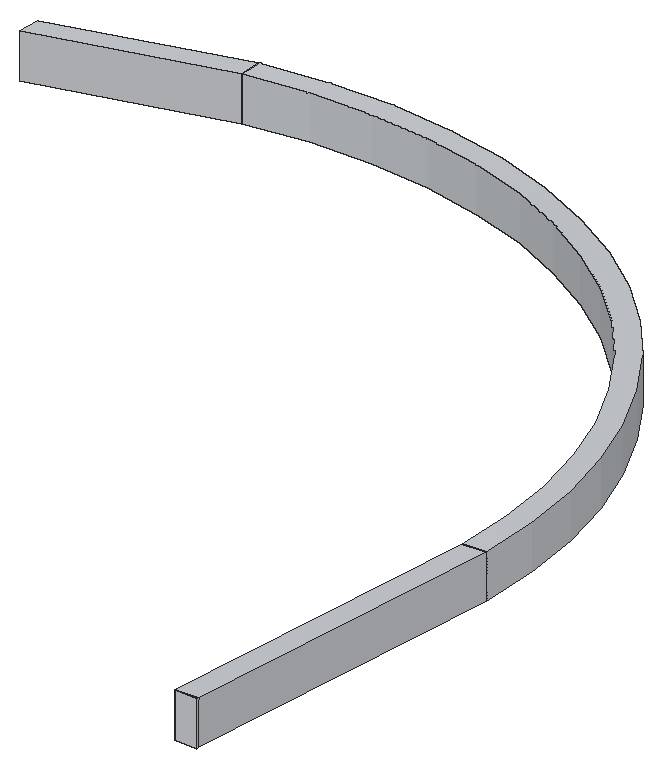
Revit family "車道下RTW(外側)", category 結構框架, Revit 2014
Parameters
  Length [instance] = 300 cm
Reference planes (cm)
  plane 1 "中心 (前/後)": y = 0
  plane 2 "中心立面": z = 0
  plane 3 "中心 (左/右)": x = 0
  plane 4 "左": x = -150
  plane 5 "右": x = 150
  plane 6: z = 295
  plane 7: z = 44.33
  plane 8: z = 215.45
  plane 9: through (832.174, -1303.8351, 121.92) normal (-0.1142, 0.9935, 0)
  plane 10: x = 250
  plane 11: through (771.1029, -816.4336, 121.92) normal (-0.1142, 0.9935, 0)
  plane 12: y = -1250
Forms (cm)
  SweptBlend 1, solid
    path origin (0.348, 24.9858, 44) x (1, 0, 0) y (0, 1, 0)
      loop
        arc (249.652, -24.9858) -> (832.8601, -247.2287) -> (1120.2631, -801.2353) r 876.3465
    profile origin (250, 0, 44) x (0, 1, 0) y (0, 0, 1)
      loop
        line (0, 0.33) -> (0, -49.67) -> (25, -49.67) -> (25, 0.33) -> (0, 0.33)
    end profile origin (1120.6112, -776.2495, 44) x (0.993455, 0.114221, 0) y (0, 0, 1)
      loop
        line (0, 121.45) -> (25, 121.45) -> (25, 171.45) -> (0, 171.45) -> (0, 121.45)
  SweptBlend 2, solid
    path origin (0.098, 0, 0) x (1, 0, 0) y (0, 1, 0)
      loop
        line (249.902, 0) -> (-0.098, 0)
    profile origin (250, 0, 0) x (0, -1, 0) y (0, 0, 1)
      loop
        line (0, -5.67) -> (0, 44.33) -> (-25, 44.33) -> (-25, -5.67) -> (0, -5.67)
    end profile origin (0, 0, 0) x (0, -1, 0) y (0, 0, 1)
      loop
        line (0, 0) -> (-25, 0) -> (-25, -50) -> (0, -50) -> (0, 0)
  SweptBlend 3, solid
    path origin (4.9716, 0.5716, 215.998) x (1, 0, 0) y (0, 1, 0)
      loop
        line (1115.6396, -776.8211) -> (1170.1082, -1250.5716)
    profile origin (1120.6112, -776.2495, 215.998) x (0.993455, 0.114221, 0) y (0, 0, 1)
      loop
        line (0, -0.548) -> (0, -50.548) -> (25, -50.548) -> (25, -0.548) -> (0, -0.548)
    end profile origin (1175.0798, -1250, 215.998) x (0.993455, 0.114221, 0) y (0, 0, 1)
      loop
        line (0, 29.002) -> (25, 29.002) -> (25, 79.002) -> (0, 79.002) -> (0, 29.002)
  Extrusion 4, solid
    sketch origin (0, 0, 0) x (1, 0, 0) y (0, 1, 0)
      loop
        line (1175.0798, -1250) -> (1200.2445, -1250) -> (1199.9162, -1247.1445) -> (1175.0798, -1250)
    from 245 to 295
Dimensions and locks (cm)
  plane 6 to plane 8 to plane 7 to plane 2 "中心立面" = 79.55 cm, 171.12 cm, 44.33 cm
  plane 6 to level = 295 cm
  plane 8 to level = 215.45 cm
  aligned and locked: level to plane 2 "中心立面"
